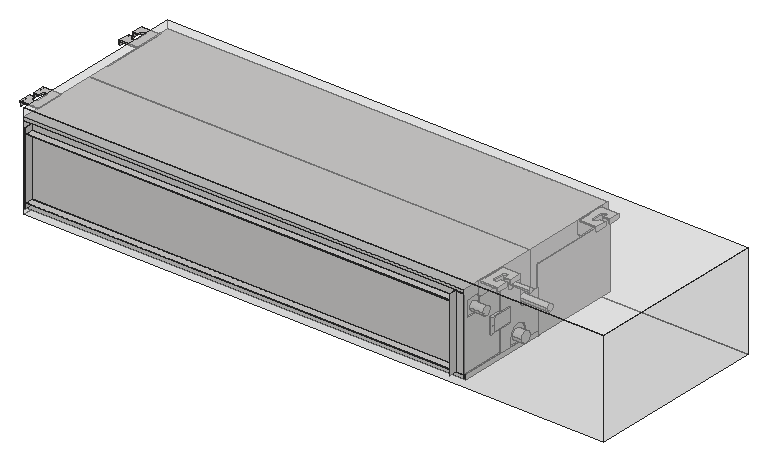
Revit family "outputfile", category 機械設備, Revit 2024
Family settings
  丸型コネクタ寸法 = 半径を使用
  パーツ タイプ = 標準
  OmniClass 番号 = 23.75.10.24.21.27.27
  OmniClass タイトル = Split System Air Conditioning Units
  作業面ベース = いいえ
  常に垂直 = はい
  ロード時にボイドで切り取り = いいえ
  注釈の向きを維持 = いいえ
  共有 = いいえ
  部屋計算ポイント = はい
Parameters (values of type "FXDQ63TV1C")
  Description = ""
  製造元 = "Daikin"
  書き出し IFC クラス(タイプ) = "IfcUnitaryEquipmentType"
  定義済み IFC タイプ(タイプ) = "AIRCONDITIONINGUNIT"
  Cost = 0
  モデル = "FXDQ63TV1C"
  Type Comments = ""
  Keynote = ""
  Type Image = (empty or 0)
  Assembly Code = ""
  r_Liquid Pipe Size = Liquid Pipe Size / 2  # 4.75 mm
  r_Gas Pipe Size = Gas Pipe Size / 2  # 7.95 mm
  r_Drain Pipe Size = Drain Pipe Size / 2  # 10.0 mm
  lw_powersuply = 65.0 mm  # constant formula
  lh_suctionflange [instance] = [h***] + 100.5 mm  # 100.5 mm
  lh_mounting = lh_mountinghole + [h***]  # 200.0 mm
  ld_suctionflange [instance] = if(and(Rear Connection_Return Air, Width = 700.0 mm), 94.5 mm, if(and(Rear Connection_Return Air, Width = 900.0 mm), 94.0 mm, if(and(Rear Connection_Return Air, Width = 1100.0 mm), 94.0 mm, 100.5 mm)))  # 94.0 mm
  ld_powersuply = 64.0 mm  # constant formula
  ld_mountinghole_Back = if(Width = 900.0 mm, 169.0 mm, 165.0 mm)  # 165.0 mm
  ld_mountinghole_Front = if(Width = 900.0 mm, 140.0 mm, 144.0 mm)  # 144.0 mm
  ld_RA_below = if(Width = 700.0 mm, 189.0 mm, 188.0 mm)  # 188.0 mm
  ld_RA = if(Width = 700.0 mm, 94.5 mm, 94.0 mm)  # 94.0 mm
  angle_vertical_RA [instance] = if(Rear Connection_Return Air, 90.00°, 0.00°)  # 90.00°
  angle horizontal_RA [instance] = if(Rear Connection_Return Air, 180.00°, 270.00°)  # 180.00°
  Voltage_comment_50Hz = "220-240"
  Voltage_50Hz = 220 V
  URL = ""
  Supply Air Direction [instance] = yes
  Sound Power Level_H speed (dB) = 0
  Rear Connection_Return Air [instance] = not(Bottom Connection_Return Air)  # yes
  Phase_50Hz = 1
  Minimum External Static Pressure = 10.00 Pa
  Minimum Circuit Amps_50Hz = 1.8 A
  Maximum Fuse Amps_50Hz = 15.0 A
  Maximum External Static Pressure = 45.00 Pa
  Material_Casing = DAIKIN_GalvanizedSteel_Casing_indoorunit
  ld_liquidpipe = 142.0 mm  # constant formula
  ld_gaspipe = 181.0 mm  # constant formula
  lw_mountinghole = Width + 52.0 mm  # 1152.0 mm
  ld_drainpipe = 28.0 mm  # constant formula
  lh_liquidpipe = 155.0 mm
  lh_gaspipe = 105.0 mm
  lh_mountinghole = 200.0 mm  # constant formula
  lh_drainpipe = 152.0 mm  # constant formula
  h_antenna = Height - lh_mountinghole + 1.0 mm  # 1.0 mm
  h*** = 0.0 mm  # constant formula
  Width = 1100.0 mm
  Version = "ver.1.0"
  Unit Type = "Slim Duct (Standard) Type"
  Unit Mass Weight = 24.00 kg
  Unit Designation [instance] = ""
  Uniclass2015Version = "Products v1.30"
  Uniclass2015Title = "Variable refrigerant flow units"
  Uniclass2015Code = "Pr_70_65_03_94"
  Total Heating Capacity [instance] = 0.000 kW
  Total Cooling Capacity [instance] = 0.000 kW
  Sound Pressure Level_M speed (dBA) = 0
  Sound Pressure Level_L speed (dBA) = 33
  Sound Pressure Level_H speed (dBA) = 37
  Series = "VRV Fan Coil Unit"
  Sensible Cooling Capacity [instance] = 0.000 kW
  SA Duct Size Width = if(Width = 900.0 mm, 860.0 mm, if(Width = 1100.0 mm, 1060.0 mm, 660.0 mm))  # 1060.0 mm
  SA Duct Size Height = 153.0 mm  # constant formula
  Refrigerant Type = "R410A"
  RA Duct Size Width = if(Width = 900.0 mm, 775.0 mm, if(Width = 1100.0 mm, 975.0 mm, 575.0 mm))  # 975.0 mm
  RA Duct Size Height [instance] = if(Rear Connection_Return Air, 163.0 mm, if(Width = 700.0 mm, 153.0 mm, 152.0 mm))  # 163.0 mm
  Power Input (Heating) = 0.070 kW
  Power Input (Cooling) = 0.075 kW
  Option Accessory 3 [instance] = ""
  Option Accessory 2 [instance] = ""
  Option Accessory 1 [instance] = ""
  Nominal Heating Capacity = 8.000 kW
  Nominal Cooling Capacity = 7.100 kW
  Minimum Airflow = 0.00 m³/h
  Median Airflow = 0.00 m³/h
  Maximum Airflow = 1170.00 m³/h
  Load Classification = HVAC
  Liquid Pipe Size = 9.5 mm
  Link_Nested Family [instance] = ""
  IfcVersion = "0"
  IfcExportType = "AIRCONDITIONINGUNIT"
  IfcExportAs = "IfcUnitaryEquipmentType"
  Height = 200.0 mm
  Heating Entering Wet Bulb Temperature [instance] = 0.00 °C
  Heating Entering Dry Bulb Temperature [instance] = 0.00 °C
  Heating Ambient Wet Bulb Temperature [instance] = 0.00 °C
  Heating Ambient Dry Bulb Temperature [instance] = 0.00 °C
  Heat Exchanger Type = "Cross Fin Coil"
  Gas Pipe Size = 15.9 mm
  Frequency_50Hz = 50 Hz
  Fan Type = "Sirocco Fan"
  Fan Drive = "Direct Drive"
  FCU Tag No. [instance] = ""
  Drain Pipe Size = 20.0 mm
  Design Supply Airflow [instance] = 0.00 m³/h
  Design Return Airflow [instance] = 0.00 m³/h
  Design External Static Pressure [instance] = 0.00 Pa
  Depth = 450.0 mm
  既定の高さ = 0.0 mm
  Cooling Entering Wet Bulb Temperature [instance] = 0.00 °C
  Cooling Entering Dry Bulb Temperature [instance] = 0.00 °C
  Cooling Ambient Wet Bulb Temperature [instance] = 0.00 °C
  Cooling Ambient Dry Bulb Temperature [instance] = 0.00 °C
  Clearance visibility [instance] = yes
  Clearance Top = 20.0 mm
  Clearance Right = 350.0 mm
  Clearance Rear = 0.0 mm
  Clearance Left = 0.0 mm
  Clearance Front = 0.0 mm
  Clearance Bottom = 20.0 mm
  Bottom Connection_Return Air [instance] = no
Reference planes
  plane 1 "Center (Front/Back)": y = 0
  plane 2 "Bottom": z = -200
  plane 3 "Center (Left/Right)": x = 0
  plane 4 "Back": y = 225
  plane 5 "Front": y = -225
  plane 6 "Left": x = -550
  plane 7 "Right": x = 550
  plane 8 "Top": z = 0
  plane 9 "BB": y = -20
  plane 10 "condensate water pan": z = -190
  plane 11 "Below": z = -200
  plane 12 "Other components Right": x = 555
  plane 13 "Other components Left": x = 545
  plane 14 "lh_drainpipe": z = -48
  plane 15 "ld_drainpipe": y = -197
  plane 16 "drainpipe": x = 583
  plane 17 "lh_liquidpipe": z = -45
  plane 18 "ld_liquidpipe": y = -83
  plane 19 "ld_gaspipe": y = -44
  plane 20 "lh_gaspipe": z = -95
  plane 21: x = 603
  plane 22: x = 620
  plane 23: x = 574
  plane 24 "w_mountinghole_Left": x = -576
  plane 25 "w_mountinghole_Right": x = 576
  plane 26 "d_mountinghole_Back": y = 165
  plane 27 "d_mountinghole_Front": y = -144
  plane 28 "h_mountinghole": z = 0
  plane 29 "lw_powersuply": x = 485
  plane 30 "ld_powersuply": y = -161
  plane 31 "Clearance Left": x = -550
  plane 32 "Clearance Right": x = 900
  plane 33 "Clearance Rear": y = 225
  plane 34 "Clearance Front": y = -225
  plane 35 "Clearance Bottom": z = -220
  plane 36 "Clearance Top": z = 20
  plane 37 "RA": y = 224
  plane 38: z = -199
  plane 39 "RA_d": y = 131
  plane 40 "RA_w": x = -51.5
  plane 41 "RA_h": z = -99.5
  plane 42 "SA_h": z = -99
  plane 43 "RA_dd": y = 37
Forms (mm)
  Extrusion 1, solid, material "DAIKIN_GalvanizedSteel_Casing_indoorunit" <- "Material_Casing"
    sketch origin (0, 0, 100) x (0, 1, 0) y (0, 0, 1)
      loop
        line (-20, -100) -> (-20, -300) -> (225, -300) -> (225, -100) -> (-20, -100)
    from -550 to 550
  Extrusion 2, solid, material "DAIKIN_GalvanizedSteel_Casing_indoorunit" <- "Material_Casing"
    sketch origin (0, 0, 100) x (0, 1, 0) y (0, 0, 1)
      loop
        line (-225, -100) -> (-225, -290) -> (-20, -290) -> (-20, -100) -> (-225, -100)
    from -550 to 550
  Extrusion 3, solid, material "DAIKIN_GalvanizedSteel_Casing_indoorunit" <- "Material_Casing"
    sketch origin (0, 0, 100) x (0, 1, 0) y (0, 0, 1)
      loop
        line (-225, -290) -> (-225, -300) -> (-20, -300) -> (-20, -290) -> (-225, -290)
    from -550 to 550
  Extrusion 4, solid, material "DAIKIN_GalvanizedSteel_Casing_indoorunit" <- "Material_Casing"
    sketch origin (0, 0, 0) x (0, 1, 0) y (0, 0, 1)
      loop
        arc (2, -40) -> (-0.121, -40.879) -> (-1, -43) r 3
        line (-1, -43) -> (-1, -197)
        arc (-1, -197) -> (-0.121, -199.121) -> (2, -200) r 3
        line (2, -200) -> (225, -200) -> (225, -40) -> (2, -40)
    from 550 to 555
  Extrusion 5, solid, material "DAIKIN_GalvanizedSteel_Casing_indoorunit" <- "Material_Casing"
    sketch origin (620, 0, 0) x (0, 1, 0) y (0, 0, 1)
      loop
        line (-225, -190) -> (-225, -200) -> (-2, -200) -> (-2, -193)
        arc (-2, -193) -> (-2.879, -190.879) -> (-5, -190) r 3
        line (-5, -190) -> (-225, -190)
    from -70 to -65
  Extrusion 6, void
    sketch origin (0, 0, 0) x (0, 1, 0) y (0, 0, 1)
      loop
        arc (-145.64, -94.17) -> (-147.761, -95.049) -> (-148.64, -97.17) r 3
        line (-148.64, -97.17) -> (-148.64, -131.17)
        arc (-148.64, -131.17) -> (-147.761, -133.291) -> (-145.64, -134.17) r 3
        line (-145.64, -134.17) -> (-91.78, -134.17)
        arc (-91.78, -134.17) -> (-89.659, -133.291) -> (-88.78, -131.17) r 3
        line (-88.78, -131.17) -> (-88.78, -97.17)
        arc (-88.78, -97.17) -> (-89.659, -95.049) -> (-91.78, -94.17) r 3
        line (-91.78, -94.17) -> (-145.64, -94.17)
    from 545 to 555
  Extrusion 7, void
    sketch origin (460, 0, 0) x (0, 1, 0) y (0, 0, 1)
      loop
        arc (-212.95, -27.05) -> (-216.486, -28.514) -> (-217.95, -32.05) r 5
        line (-217.95, -32.05) -> (-217.95, -63.95)
        arc (-217.95, -63.95) -> (-216.486, -67.486) -> (-212.95, -68.95) r 5
        line (-212.95, -68.95) -> (-181.05, -68.95)
        arc (-181.05, -68.95) -> (-177.514, -67.486) -> (-176.05, -63.95) r 5
        line (-176.05, -63.95) -> (-176.05, -32.05)
        arc (-176.05, -32.05) -> (-177.514, -28.514) -> (-181.05, -27.05) r 5
        line (-181.05, -27.05) -> (-212.95, -27.05)
    from 85 to 95
  Extrusion 8, solid, material "DAIKIN_GalvanizedSteel_Casing_indoorunit" <- "Material_Casing"
    sketch origin (700, 0, 0) x (0, 1, 0) y (0, 0, 1)
      loop
        line (-116.823, -42) -> (-116.823, -190) -> (-87.438, -190) -> (-87.438, -167.881)
        arc (-87.438, -167.881) -> (-62.998, -143.441) -> (-38.558, -167.881) r 24.44
        line (-38.558, -167.881) -> (-38.558, -190) -> (-1, -190) -> (-1, -92.773) -> (-27.497, -92.773)
        arc (-27.497, -92.773) -> (-28.911, -93.359) -> (-29.497, -94.773) r 2
        line (-29.497, -94.773) -> (-29.497, -99)
        arc (-29.497, -99) -> (-43.997, -113.5) -> (-58.497, -99) r 14.5
        line (-58.497, -99) -> (-58.497, -42.3)
        arc (-58.497, -42.3) -> (-59.171, -40.674) -> (-60.797, -40) r 2.3
        line (-60.797, -40) -> (-69, -40)
        arc (-69, -40) -> (-70.414, -40.586) -> (-71, -42) r 2
        line (-71, -42) -> (-71, -49)
        arc (-71, -49) -> (-83, -61) -> (-95, -49) r 12
        line (-95, -49) -> (-95, -42)
        arc (-95, -42) -> (-95.586, -40.586) -> (-97, -40) r 2
        line (-97, -40) -> (-114.823, -40)
        arc (-114.823, -40) -> (-116.237, -40.586) -> (-116.823, -42) r 2
    from -150 to -145
  Extrusion 9, solid, material "DAIKIN_GalvanizedSteel_Casing_indoorunit" <- "Material_Casing"
    sketch origin (0, 0, 0) x (0, 1, 0) y (0, 0, 1)
      loop
        line (-91.78, -95.17) -> (-145.64, -95.17)
        arc (-145.64, -95.17) -> (-147.054, -95.756) -> (-147.64, -97.17) r 2
        line (-147.64, -97.17) -> (-147.64, -131.17)
        arc (-147.64, -131.17) -> (-147.054, -132.584) -> (-145.64, -133.17) r 2
        line (-145.64, -133.17) -> (-91.78, -133.17)
        arc (-91.78, -133.17) -> (-90.366, -132.584) -> (-89.78, -131.17) r 2
        line (-89.78, -131.17) -> (-89.78, -97.17)
        arc (-89.78, -97.17) -> (-90.366, -95.756) -> (-91.78, -95.17) r 2
    from 545 to 555
  Extrusion 10, solid, material "DAIKIN_GalvanizedSteel_Casing_indoorunit" <- "Material_Casing"
    sketch origin (0, 0, 0) x (0, 1, 0) y (0, 0, 1)
      loop
        line (-89.78, -97.67) -> (-136.14, -97.67) -> (-136.14, -130.67) -> (-89.78, -130.67) -> (-89.78, -97.67)
      loop
        circle (-142.64, -114.17) r 1.5
    from 550 to 555
  Extrusion 11, solid, material "DAIKIN_GalvanizedSteel_Casing_indoorunit" <- "Material_Casing"
    sketch origin (0, 0, 0) x (0, 1, 0) y (0, 0, 1)
      loop
        circle (-197, -48) r 10
    from 550 to 583
  Extrusion 12, solid, material "DAIKIN_GalvanizedSteel_Casing_indoorunit" <- "Material_Casing"
    sketch origin (0, 0, 0) x (0, 1, 0) y (0, 0, 1)
      loop
        circle (-83, -45) r 4.75
    from 550 to 603
  Extrusion 13, solid, material "DAIKIN_GalvanizedSteel_Casing_indoorunit" <- "Material_Casing"
    sketch origin (0, 0, 0) x (0, 1, 0) y (0, 0, 1)
      loop
        circle (-44, -95) r 7.95
    from 550 to 620
  Extrusion 14, solid, material "DAIKIN_GalvanizedSteel_Casing_indoorunit" <- "Material_Casing"
    sketch origin (0, 0, 0) x (0, 1, 0) y (0, 0, 1)
      loop
        circle (-62.998, -169) r 13
    from 550 to 574
  Extrusion 15, void
    sketch origin (0, 0, 0) x (1, 0, 0) y (0, 0, 1)
      loop
        line (446, -1) -> (-549, -1) -> (-549, -200) -> (446, -200) -> (446, -1)
    from -225 to -37
  Extrusion 16, solid, material "DAIKIN_GalvanizedSteel_Casing_indoorunit" <- "Material_Casing", visible <- "Bottom Connection_Return Air"
    sketch origin (0, 0, 0) x (1, 0, 0) y (0, 0, 1)
      loop
        line (446, -1) -> (-549, -1) -> (-549, -200) -> (446, -200) -> (446, -1)
    from -225 to -224
  Extrusion 17, solid, material "DAIKIN_GalvanizedSteel_Casing_indoorunit" <- "Material_Casing", visible <- "Rear Connection_Return Air"
    sketch origin (0, 0, 0) x (1, 0, 0) y (0, 1, 0)
      loop
        line (-549, 37) -> (446, 37) -> (446, 225) -> (-549, 225) -> (-549, 37)
    from -200 to -199
Cuts and joins
  Extrusion 6, Extrusion 7 cuts Extrusion 2
  Extrusion 6 cuts Extrusion 8
  Extrusion 15 cuts Extrusion 1
Dimensions and locks
  locked: plane 9 "BB" to plane 1 "Center (Front/Back)" at 20
  equal spacing: plane 4 "Back", plane 1 "Center (Front/Back)", plane 5 "Front"
  "Depth": plane 4 "Back" to plane 5 "Front"
  plane 9 "BB" to plane 4 "Back" = 245.0 mm
  plane 5 "Front" to plane 9 "BB" = 205.0 mm
  equal spacing: plane 6 "Left", plane 3 "Center (Left/Right)", plane 7 "Right"
  "Width": plane 6 "Left" to plane 7 "Right"
  locked: plane 1 "Center (Front/Back)" to plane 9 "BB" at 20
  "h***": plane 11 "Below" to plane 2 "Bottom"
  locked: plane 10 "condensate water pan" to plane 11 "Below" at 10
  "Height": plane 8 "Top" to plane 11 "Below"
  locked: Extrusion 4 sketch curve to plane 4 "Back" at 226
  locked: Extrusion 4 sketch curve to plane 11 "Below" at 160
  locked: plane 7 "Right" to plane 12 "Other components Right" at 5
  locked: plane 13 "Other components Left" to plane 7 "Right" at 5
  "lh_drainpipe": plane 14 "lh_drainpipe" to plane 11 "Below"
  plane 5 "Front" to plane 15 "ld_drainpipe" = 28.0 mm
  "ld_drainpipe": plane 15 "ld_drainpipe" to plane 5 "Front"
  locked: plane 7 "Right" to plane 16 "drainpipe" at 33
  "lh_liquidpipe": plane 17 "lh_liquidpipe" to plane 11 "Below"
  "ld_liquidpipe": plane 18 "ld_liquidpipe" to plane 5 "Front"
  "ld_gaspipe": plane 19 "ld_gaspipe" to plane 5 "Front"
  plane 5 "Front" to plane 18 "ld_liquidpipe" = 142.0 mm
  plane 5 "Front" to plane 19 "ld_gaspipe" = 181.0 mm
  "lh_gaspipe": plane 20 "lh_gaspipe" to plane 11 "Below"
  locked: plane 7 "Right" to plane 21 at 53
  locked: plane 7 "Right" to plane 22 at 70
  locked: plane 7 "Right" to plane 23 at 24
  equal spacing: plane 24 "w_mountinghole_Left", plane 3 "Center (Left/Right)", plane 25 "w_mountinghole_Right"
  "lw_mountinghole": plane 24 "w_mountinghole_Left" to plane 25 "w_mountinghole_Right"
  plane 26 "d_mountinghole_Back" to plane 27 "d_mountinghole_Front" = 309.0 mm
  "lh_mountinghole": plane 28 "h_mountinghole" to plane 11 "Below"
  "lw_powersuply": plane 29 "lw_powersuply" to plane 7 "Right"
  "ld_powersuply": plane 5 "Front" to plane 30 "ld_powersuply"
  "Clearance Rear": plane 33 "Clearance Rear" to plane 4 "Back"
  "Clearance Front": plane 5 "Front" to plane 34 "Clearance Front"
  "Clearance Bottom": plane 11 "Below" to plane 35 "Clearance Bottom"
  "Clearance Top": plane 36 "Clearance Top" to plane 8 "Top"
  "Clearance Left": plane 31 "Clearance Left" to plane 6 "Left"
  "Clearance Right": plane 7 "Right" to plane 32 "Clearance Right"
  locked: cut or joined group of Extrusion 1, Extrusion 15 to plane 6 "Left" at 1
  locked: plane 7 "Right" to cut or joined group of Extrusion 1, Extrusion 15 at 104
  locked: plane 4 "Back" to plane 37 "RA" at 1
  locked: plane 6 "Left" to Extrusion 17 sketch curve at 1
  locked: Extrusion 17 sketch curve to plane 7 "Right" at 104
  locked: plane 38 to plane 11 "Below" at 1
  locked: plane 40 "RA_w" to plane 3 "Center (Left/Right)" at 51.5
  "ld_RA": plane 39 "RA_d" to plane 4 "Back"
  locked: plane 11 "Below" to plane 41 "RA_h" at 100.5
  locked: plane 11 "Below" to plane 42 "SA_h" at 101
  "ld_mountinghole_Back": plane 26 "d_mountinghole_Back" to plane 1 "Center (Front/Back)"
  "ld_mountinghole_Front": plane 27 "d_mountinghole_Front" to plane 1 "Center (Front/Back)"
  "ld_RA_below": plane 4 "Back" to plane 43 "RA_dd"
  "r_Liquid Pipe Size": radius of Extrusion 12 sketch curve
  "r_Gas Pipe Size": radius of Extrusion 13 sketch curve
  "r_Drain Pipe Size": radius of Extrusion 11 sketch curve
  aligned and locked: Extrusion 1 sketch curve to plane 8 "Top"
  aligned and locked: Extrusion 1 sketch curve to plane 9 "BB"
  aligned and locked: Extrusion 1 sketch curve to plane 4 "Back"
  aligned and locked: Extrusion 2 sketch curve to plane 9 "BB"
  aligned and locked: Extrusion 2 sketch curve to plane 8 "Top"
  aligned and locked: plane 5 "Front" to Extrusion 2 sketch curve
  aligned and locked: Extrusion 1 to plane 6 "Left"
  aligned and locked: plane 7 "Right" to Extrusion 1
  aligned and locked: Extrusion 2 to plane 6 "Left"
  aligned and locked: plane 7 "Right" to Extrusion 2
  aligned and locked: plane 10 "condensate water pan" to Extrusion 2 sketch curve
  aligned and locked: Extrusion 3 sketch curve to plane 10 "condensate water pan"
  aligned and locked: plane 5 "Front" to Extrusion 3 sketch curve
  aligned and locked: plane 9 "BB" to Extrusion 3 sketch curve
  aligned and locked: Extrusion 3 to plane 6 "Left"
  aligned and locked: plane 7 "Right" to Extrusion 3
  aligned and locked: plane 11 "Below" to Extrusion 3
  aligned and locked: Extrusion 1 to plane 11 "Below"
  aligned and locked: plane 11 "Below" to Extrusion 4 sketch curve
  aligned and locked: Extrusion 4 sketch curve to plane 4 "Back"
  aligned and locked: Extrusion 4 to plane 7 "Right"
  aligned and locked: plane 12 "Other components Right" to Extrusion 4
  aligned and locked: Extrusion 5 sketch curve to plane 10 "condensate water pan"
  aligned and locked: plane 5 "Front" to Extrusion 5 sketch curve
  aligned and locked: plane 11 "Below" to Extrusion 5 sketch curve
  aligned and locked: Extrusion 5 to plane 7 "Right"
  aligned and locked: plane 12 "Other components Right" to Extrusion 5
  aligned and locked: Extrusion 8 to plane 7 "Right"
  aligned and locked: plane 12 "Other components Right" to Extrusion 8
  aligned and locked: Extrusion 6 to plane 13 "Other components Left"
  aligned and locked: Extrusion 7 to plane 13 "Other components Left"
  aligned and locked: plane 12 "Other components Right" to Extrusion 7
  aligned and locked: plane 12 "Other components Right" to Extrusion 6
  aligned and locked: Extrusion 10 to plane 7 "Right"
  aligned and locked: Extrusion 9 to plane 13 "Other components Left"
  aligned and locked: plane 16 "drainpipe" to Extrusion 11
  aligned and locked: Extrusion 11 to plane 7 "Right"
  aligned and locked: plane 12 "Other components Right" to Extrusion 9
  aligned and locked: plane 12 "Other components Right" to Extrusion 10
  aligned and locked: Extrusion 12 to plane 7 "Right"
  aligned and locked: plane 21 to Extrusion 12
  aligned and locked: Extrusion 13 sketch curve to plane 19 "ld_gaspipe"
  aligned and locked: plane 20 "lh_gaspipe" to Extrusion 13 sketch curve
  aligned and locked: Extrusion 12 sketch curve to plane 18 "ld_liquidpipe"
  aligned and locked: plane 17 "lh_liquidpipe" to Extrusion 12 sketch curve
  aligned and locked: plane 14 "lh_drainpipe" to Extrusion 11 sketch curve
  aligned and locked: Extrusion 11 sketch curve to plane 15 "ld_drainpipe"
  aligned and locked: Extrusion 13 to plane 7 "Right"
  aligned and locked: plane 22 to Extrusion 13
  aligned and locked: Extrusion 14 to plane 7 "Right"
  aligned and locked: plane 23 to Extrusion 14
  aligned and locked: plane 25 "w_mountinghole_Right" to nested 2
  aligned and locked: plane 26 "d_mountinghole_Back" to nested 2
  aligned and locked: plane 28 "h_mountinghole" to nested 2
  aligned and locked: plane 27 "d_mountinghole_Front" to nested 3
  aligned and locked: plane 25 "w_mountinghole_Right" to nested 3
  aligned and locked: plane 24 "w_mountinghole_Left" to nested 4
  aligned and locked: plane 26 "d_mountinghole_Back" to nested 4
  aligned and locked: plane 24 "w_mountinghole_Left" to nested 5
  aligned and locked: nested 5 to plane 27 "d_mountinghole_Front"
  aligned and locked: plane 28 "h_mountinghole" to nested 4
  aligned and locked: plane 28 "h_mountinghole" to nested 5
  aligned and locked: plane 28 "h_mountinghole" to nested 3
  aligned and locked: plane 24 "w_mountinghole_Left" to nested 1
  aligned and locked: nested 1 to plane 26 "d_mountinghole_Back"
  aligned and locked: plane 27 "d_mountinghole_Front" to nested 6
  aligned and locked: plane 24 "w_mountinghole_Left" to nested 6
  aligned and locked: nested 7 to plane 25 "w_mountinghole_Right"
  aligned and locked: plane 26 "d_mountinghole_Back" to nested 7
  aligned and locked: plane 27 "d_mountinghole_Front" to nested 8
  aligned and locked: nested 8 to plane 25 "w_mountinghole_Right"
  aligned and locked: plane 15 "ld_drainpipe" to nested 9
  aligned and locked: plane 7 "Right" to nested 9
  aligned and locked: plane 14 "lh_drainpipe" to nested 9
  aligned and locked: plane 7 "Right" to nested 11
  aligned and locked: plane 7 "Right" to nested 10
  aligned and locked: plane 18 "ld_liquidpipe" to nested 10
  aligned and locked: plane 19 "ld_gaspipe" to nested 11
  aligned and locked: nested 10 to plane 17 "lh_liquidpipe"
  aligned and locked: nested 11 to plane 20 "lh_gaspipe"
  aligned and locked: plane 31 "Clearance Left" to nested 12
  aligned and locked: nested 12 to plane 33 "Clearance Rear"
  aligned and locked: plane 34 "Clearance Front" to nested 12
  aligned and locked: nested 12 to plane 32 "Clearance Right"
  aligned and locked: plane 36 "Clearance Top" to nested 12
  aligned and locked: plane 35 "Clearance Bottom" to nested 12
  aligned and locked: nested 13 to plane 29 "lw_powersuply"
  aligned and locked: plane 30 "ld_powersuply" to nested 13
  aligned and locked: nested 13 to plane 20 "lh_gaspipe"
  aligned and locked: plane 3 "Center (Left/Right)" to nested 14
  aligned and locked: plane 1 "Center (Front/Back)" to nested 14
  aligned and locked: plane 1 "Center (Front/Back)" to nested 15
  aligned and locked: nested 15 to plane 11 "Below"
  aligned and locked: plane 3 "Center (Left/Right)" to nested 16
  aligned and locked: plane 3 "Center (Left/Right)" to nested 17
  aligned and locked: plane 8 "Top" to nested 16
  aligned and locked: plane 4 "Back" to Extrusion 15
  aligned and locked: plane 4 "Back" to Extrusion 16
  aligned and locked: Extrusion 16 to plane 37 "RA"
  aligned and locked: Extrusion 17 to plane 11 "Below"
  aligned and locked: plane 38 to Extrusion 17
  aligned and locked: plane 39 "RA_d" to nested 18
  aligned and locked: plane 1 "Center (Front/Back)" to nested 19
  aligned and locked: plane 3 "Center (Left/Right)" to nested 19
  aligned and locked: plane 42 "SA_h" to nested 19
  aligned and locked: nested 16 to plane 37 "RA"
  aligned and locked: nested 16 to plane 4 "Back"
  aligned and locked: nested 17 to plane 38
  aligned and locked: nested 17 to plane 37 "RA"
  aligned and locked: Extrusion 15 to plane 43 "RA_dd"
  aligned and locked: Extrusion 17 sketch curve to plane 43 "RA_dd"
  aligned and locked: level to plane 8 "Top"
Automatic sketch dimensions
  Extrusion 1 sketch curve to plane 10 "condensate water pan" = 10.0 mm
  Extrusion 3 sketch curve to plane 10 "condensate water pan" = 10.0 mm
  Extrusion 4 sketch curve to plane 10 "condensate water pan" = 7.0 mm
  Extrusion 4 sketch curve to plane 1 "Center (Front/Back)" = 2.0 mm
  plane 1 "Center (Front/Back)" to Extrusion 5 sketch curve = 2.0 mm
  Extrusion 5 sketch curve to plane 10 "condensate water pan" = 3.0 mm
  plane 5 "Front" to Extrusion 6 sketch curve = 76.36 mm
  Extrusion 6 sketch curve to Extrusion 6 sketch curve = 3.0 mm  (x3)
  Extrusion 6 sketch curve to Extrusion 6 sketch curve = 53.86 mm
  Extrusion 6 sketch curve to Extrusion 6 sketch curve = 0.0 mm
  plane 10 "condensate water pan" to Extrusion 6 sketch curve = 55.83 mm
  Extrusion 6 sketch curve to Extrusion 6 sketch curve = 34.0 mm
  plane 5 "Front" to Extrusion 7 sketch curve = 7.05 mm
  Extrusion 7 sketch curve to Extrusion 7 sketch curve = 5.0 mm  (x3)
  Extrusion 7 sketch curve to Extrusion 7 sketch curve = 31.9 mm  (x3)
  Extrusion 7 sketch curve to plane 8 "Top" = 68.95 mm
  Extrusion 8 sketch curve to plane 10 "condensate water pan" = 0.0 mm  (x2)
  Extrusion 8 sketch curve to plane 9 "BB" = 96.823 mm
  Extrusion 8 sketch curve to Extrusion 8 sketch curve = 2.0 mm  (x4)
  Extrusion 8 sketch curve to Extrusion 8 sketch curve = 17.823 mm
  Extrusion 8 sketch curve to Extrusion 8 sketch curve = 29.385 mm
  Extrusion 8 sketch curve to Extrusion 8 sketch curve = 12.0 mm
  Extrusion 8 sketch curve to Extrusion 8 sketch curve = 24.44 mm
  Extrusion 8 sketch curve to Extrusion 8 sketch curve = 8.203 mm
  Extrusion 8 sketch curve to plane 9 "BB" = 38.497 mm
  Extrusion 8 sketch curve to Extrusion 8 sketch curve = 14.5 mm
  plane 1 "Center (Front/Back)" to Extrusion 8 sketch curve = 1.0 mm
  Extrusion 8 sketch curve to Extrusion 8 sketch curve = 22.119 mm
  Extrusion 8 sketch curve to Extrusion 8 sketch curve = 68.881 mm
  Extrusion 8 sketch curve to Extrusion 8 sketch curve = 4.227 mm
  Extrusion 8 sketch curve to plane 8 "Top" = 49.0 mm
  Extrusion 8 sketch curve to Extrusion 8 sketch curve = 6.7 mm
  Extrusion 8 sketch curve to Extrusion 8 sketch curve = 7.0 mm
  plane 5 "Front" to Extrusion 9 sketch curve = 79.36 mm
  Extrusion 9 sketch curve to Extrusion 9 sketch curve = 2.0 mm  (x3)
  Extrusion 9 sketch curve to Extrusion 9 sketch curve = 53.86 mm
  Extrusion 9 sketch curve to Extrusion 9 sketch curve = 0.0 mm
  plane 10 "condensate water pan" to Extrusion 9 sketch curve = 56.83 mm
  Extrusion 9 sketch curve to Extrusion 9 sketch curve = 34.0 mm
  plane 5 "Front" to Extrusion 10 sketch curve = 82.36 mm
  Extrusion 10 sketch curve to Extrusion 10 sketch curve = 6.5 mm
  Extrusion 10 sketch curve to Extrusion 10 sketch curve = 46.36 mm
  plane 10 "condensate water pan" to Extrusion 10 sketch curve = 59.33 mm
  Extrusion 10 sketch curve to Extrusion 10 sketch curve = 16.5 mm  (x2)
  Extrusion 14 sketch curve to plane 19 "ld_gaspipe" = 18.998 mm
  plane 10 "condensate water pan" to Extrusion 14 sketch curve = 21.0 mm
  plane 6 "Left" to Extrusion 15 sketch curve = 1.0 mm
  plane 35 "Clearance Bottom" to Extrusion 15 sketch curve = 20.0 mm
  plane 29 "lw_powersuply" to Extrusion 15 sketch curve = 39.0 mm
  Extrusion 15 sketch curve to plane 8 "Top" = 1.0 mm
  plane 6 "Left" to Extrusion 16 sketch curve = 1.0 mm
  Extrusion 16 sketch curve to plane 11 "Below" = 0.0 mm
  plane 29 "lw_powersuply" to Extrusion 16 sketch curve = 39.0 mm
  Extrusion 16 sketch curve to plane 8 "Top" = 1.0 mm
  Extrusion 17 sketch curve to plane 4 "Back" = 0.0 mm
  radius of Extrusion 10 sketch curve = 1.5 mm
  radius of Extrusion 14 sketch curve = 13.0 mm
Nested families
  nested 1: "daikin_mountinghole" at (-576, 165, -200), h_mountinghole <- "lh_mounting", l_antenna <- "h_antenna", Link_Nested Family <- "Link_Nested Family", type "daikin_mountinghole"
    with show yes, l_antenna 1.0 mm, h_mountinghole 200.0 mm, Link_Nested Family ""
  nested 2: "daikin_hangerfixture_FXDQ-TV1C(A)" at (550, 165, 0), type "daikin_hangerfixture_FXDQ-TV1C(A)"
  nested 3: "daikin_hangerfixture_FXDQ-TV1C(A)" at (550, -144, 0), type "daikin_hangerfixture_FXDQ-TV1C(A)"
  nested 4: "daikin_hangerfixture_FXDQ-TV1C(A)" at (-550, 165, 0) x (-1, 0, 0) z (0, 0, 1), type "daikin_hangerfixture_FXDQ-TV1C(A)"
  nested 5: "daikin_hangerfixture_FXDQ-TV1C(A)" at (-550, -144, 0) x (-1, 0, 0) z (0, 0, 1), type "daikin_hangerfixture_FXDQ-TV1C(A)"
  nested 6: "daikin_mountinghole" at (-576, -144, -200), h_mountinghole <- "lh_mounting", l_antenna <- "h_antenna", Link_Nested Family <- "Link_Nested Family", type "daikin_mountinghole"
    with show yes, l_antenna 1.0 mm, h_mountinghole 200.0 mm, Link_Nested Family ""
  nested 7: "daikin_mountinghole" at (576, 165, -200), h_mountinghole <- "lh_mounting", l_antenna <- "h_antenna", Link_Nested Family <- "Link_Nested Family", type "daikin_mountinghole"
    with show yes, l_antenna 1.0 mm, h_mountinghole 200.0 mm, Link_Nested Family ""
  nested 8: "daikin_mountinghole" at (576, -144, -200), h_mountinghole <- "lh_mounting", l_antenna <- "h_antenna", Link_Nested Family <- "Link_Nested Family", type "daikin_mountinghole"
    with show yes, l_antenna 1.0 mm, h_mountinghole 200.0 mm, Link_Nested Family ""
  nested 9: "daikin_connector_rotate2" at (550, -197, -48) x (0, 1, 0) z (0, 0, 1), radius <- "r_Drain Pipe Size", type "daikin_connector_rotate2"
    with radius 10.0 mm, length 33.0 mm, angle_vertical 90.00°, show_face no
  nested 10: "daikin_connector_rotate2" at (550, -83, -45) x (0, 1, 0) z (0, 0, 1), radius <- "r_Liquid Pipe Size", type "daikin_connector_rotate2"
    with radius 4.75 mm, length 53.0 mm, angle_vertical 90.00°, show_face no
  nested 11: "daikin_connector_rotate2" at (550, -44, -95) x (0, 1, 0) z (0, 0, 1), radius <- "r_Gas Pipe Size", type "daikin_connector_rotate2"
    with radius 7.95 mm, length 70.0 mm, angle_vertical 90.00°, show_face no
  nested 12: "daikin_clearancespace" at (175, 0, -99.881), visible <- "Clearance visibility", show <- "Clearance visibility", Link_Nested Family <- "Link_Nested Family", type "daikin_clearancespace"
    with width 1450.0 mm, show yes, height 240.0 mm, depth 450.0 mm, Link_Nested Family ""
  nested 13: "daikin_connector_rotate2" at (485, -161, -95) x (1, 0, 0) z (0, -1, 0), type "daikin_connector_rotate2"
    with radius 10.0 mm, length 101.0 mm, angle_vertical 90.00°, show_face no
  nested 14: "daikin_△_symbolicline" at (0, 0, 200), visible <- "Supply Air Direction", built-in parameter 1001360 <- "Height", type "daikin_△_symbolicline"
    with length 200.0 mm
  nested 15: "daikin_ductflange_FXDQ-TV1C(A)1" at (0, 0, -364.701), width <- "SA Duct Size Width", height <- "SA Duct Size Height", material <- "Material_Casing", type "daikin_ductflange_FXDQ-TV1C(A)1"
    with width 1060.0 mm, material DAIKIN_GalvanizedSteel_Casing_indoorunit, height 153.0 mm, depth 20.0 mm
  nested 16: "daikin_ductflange_FXDQ-TV1C(A)2" at (0, 225, -99.5), visible <- "Rear Connection_Return Air", height <- "RA Duct Size Height", width <- "RA Duct Size Width", material <- "Material_Casing", type "daikin_ductflange_FXDQ-TV1C(A)2"
    with width 975.0 mm, material DAIKIN_GalvanizedSteel_Casing_indoorunit, height 163.0 mm, depth 1.0 mm
  nested 17: "daikin_ductflange_FXDQ-TV1C(A)2" at (0, 125.5, -200) x (1, 0, 0) z (0, 1, 0), visible <- "Bottom Connection_Return Air", width <- "RA Duct Size Width", height <- "RA Duct Size Height", type "daikin_ductflange_FXDQ-TV1C(A)2"
    with width 975.0 mm, material DAIKIN_GalvanizedSteel_Casing_indoorunit, height 163.0 mm, depth 1.0 mm
  nested 18: "daikin_connector_rotate3" at (-51.5, 131, -99.5), angle_vertical <- "angle_vertical_RA", angle_horizontal <- "angle horizontal_RA", length <- "ld_suctionflange", built-in parameter 1001364 <- "lh_suctionflange", type "daikin_connector_rotate3"
    with show yes, radius 10.0 mm, length 94.0 mm, angle_vertical 90.00°, angle_horizontal 180.00°
  nested 19: "daikin_connector_rotate2" at (0, 0, -99), type "daikin_connector_rotate2"
    with radius 10.0 mm, length 245.0 mm, angle_vertical 90.00°, show_face no
Connectors
  piping at (583, -197, -48), diameter 20, driven by "r_Drain Pipe Size"
    settings: on nested 9, index 1, connector inside diameter 609.6 mm, connector length 0.0 mm, flow factor 0, pipe flow 0.00 m³/h, pressure drop 0.0 Pa, fitting loss kfactor 0, connector angle 0.00°, fixture units 0, engagement length 0.0 mm, angle of deflection 0.00°, flow configuration 1, flow direction 2, fitting loss method 4, system type 16, joint type 0, gender type 0, connector reference index -1, connector utility 0, adjustable connector no, is connector primary yes, connector description "Condensate Drain Piping"
  piping at (620, -44, -95), diameter 15.9, driven by "r_Gas Pipe Size"
    settings: on nested 11, index 2, connector inside diameter 609.6 mm, connector length 0.0 mm, flow factor 0, pipe flow 0.00 m³/h, pressure drop 0.0 Pa, fitting loss kfactor 0, connector angle 0.00°, fixture units 0, engagement length 0.0 mm, angle of deflection 0.00°, flow configuration 1, flow direction 2, fitting loss method 0, system type 29, joint type 0, gender type 0, connector reference index -1, connector utility 0, adjustable connector no, is connector primary no, connector description "Refrigerant Gas Piping"
  piping at (603, -83, -45), diameter 9.5, driven by "r_Liquid Pipe Size"
    settings: on nested 10, index 3, connector inside diameter 609.6 mm, connector length 0.0 mm, flow factor 0, pipe flow 0.00 m³/h, pressure drop 0.0 Pa, fitting loss kfactor 0, connector angle 0.00°, fixture units 0, engagement length 0.0 mm, angle of deflection 0.00°, flow configuration 1, flow direction 1, fitting loss method 0, system type 29, joint type 0, gender type 0, connector reference index -1, connector utility 0, adjustable connector no, is connector primary no, connector description "Refrigerant Liquid Piping"
  electrical at (485, -161, -196), driven by "Load Classification"
    settings: on nested 13, index 4, voltage 0 V, apparent load 0 VA, apparent load phase1 0 VA, apparent load phase2 0 VA, apparent load phase3 0 VA, power factor 1, load classification "HVAC", number of poles 1, system type 30, power factor state 1, is connector primary yes, connector utility no, sub classification motor no, connector description "Power Supply"
  hvac at (-51.5, 225, -99.5), driven by "RA Duct Size Height", driven by "RA Duct Size Width"
    settings: on nested 18, index 5, duct flow 0.00 m³/h, flow factor 0, pres drop 0.00 Pa, loss coef 0, conn angle 0.00°, conn width 975.0 mm, conn height 163.0 mm, conn diameter 609.6 mm, duct sys type 2, conn prof type 1, flow config 0, flow direction 1, loss method 4, conn ref index -1, conn util no, is conn primary yes, conn desc "RA Duct"
  hvac at (0, -245, -99), driven by "SA Duct Size Height", driven by "SA Duct Size Width"
    settings: on nested 19, index 6, duct flow 0.00 m³/h, flow factor 0, pres drop 0.00 Pa, loss coef 0, conn angle 0.00°, conn width 1060.0 mm, conn height 153.0 mm, conn diameter 609.6 mm, duct sys type 1, conn prof type 1, flow config 0, flow direction 2, loss method 4, conn ref index -1, conn util no, is conn primary no, conn desc "SA Duct"
Definition of nested family "daikin_hangerfixture_FXDQ-TV1C(A)"
  Parameters (values of type "daikin_hangerfixture_FXDQ-TV1C(A)")
    width = 46.0 mm
    material = none
    height = 35.0 mm
    depth = 70.0 mm
    Default Elevation = 0.0 mm
  Reference planes
    plane 1 "Center (Front/Back)": y = 0
    plane 2: z = 0
    plane 3 "Center (Left/Right)": x = 0
    plane 4: z = -35
    plane 5: y = 35
    plane 6: y = -35
    plane 7: x = 46
    plane 8: z = -2
    plane 9: x = 44
    plane 10: x = 2
    plane 11: x = 26
  Forms (mm)
    Extrusion 1, solid, material <- "material"
      sketch origin (0, 0, 0) x (1, 0, 0) y (0, 1, 0)
        loop
          line (0, 35) -> (0, -35) -> (46, -35) -> (46, -6.5) -> (31.85, -6.5) -> (31.85, -12.15)
          arc (31.85, -12.15) -> (26, -18) -> (20.15, -12.15) r 5.85
          line (20.15, -12.15) -> (20.15, 12.15)
          arc (20.15, 12.15) -> (26, 18) -> (31.85, 12.15) r 5.85
          line (31.85, 12.15) -> (31.85, 6.5) -> (46, 6.5) -> (46, 35) -> (0, 35)
      from -2 to 0
    Extrusion 2, solid, material <- "material"
      sketch origin (0, 0, 0) x (0, 1, 0) y (0, 0, 1)
        loop
          line (35, 0) -> (6.5, 0) -> (6.5, -8)
          arc (6.5, -8) -> (7.379, -10.121) -> (9.5, -11) r 3
          line (9.5, -11) -> (32, -11)
          arc (32, -11) -> (34.121, -10.121) -> (35, -8) r 3
          line (35, -8) -> (35, 0)
        loop
          line (-35, 0) -> (-35, -8)
          arc (-35, -8) -> (-34.121, -10.121) -> (-32, -11) r 3
          line (-32, -11) -> (-9.5, -11)
          arc (-9.5, -11) -> (-7.379, -10.121) -> (-6.5, -8) r 3
          line (-6.5, -8) -> (-6.5, 0) -> (-35, 0)
      from 44 to 46
    Extrusion 3, solid, material <- "material"
      sketch origin (0, 0, 0) x (0, 1, 0) y (0, 0, 1)
        loop
          line (-37.5, 0) -> (-37.5, -30) -> (-32.5, -35) -> (32.5, -35) -> (37.5, -30) -> (37.5, 0) -> (-37.5, 0)
      from 0 to 2
  Cuts and joins
    joined: Extrusion 1, Extrusion 2, Extrusion 3
  Dimensions and locks
    "height": plane 2 to plane 4
    plane 2 to plane 8 = 2.0 mm
    equal spacing: plane 5, plane 1 "Center (Front/Back)", plane 6
    "depth": plane 5 to plane 6
    "width": plane 3 "Center (Left/Right)" to plane 7
    plane 3 "Center (Left/Right)" to plane 11 to plane 7 = 26.0 mm, 20.0 mm
    locked: cut or joined group of Extrusion 1, Extrusion 2, Extrusion 3 to plane 5 at 2.5
    locked: cut or joined group of Extrusion 1, Extrusion 2, Extrusion 3 to plane 6 at 2.5
    aligned and locked: level to plane 2
    aligned and locked: plane 2 to Extrusion 1
    aligned and locked: Extrusion 1 to plane 8
    aligned and locked: plane 7 to Extrusion 2
    aligned and locked: Extrusion 2 to plane 9
    aligned and locked: plane 2 to Extrusion 2
    aligned and locked: plane 4 to Extrusion 3 sketch curve
    aligned and locked: Extrusion 3 sketch curve to plane 2
    aligned and locked: Extrusion 3 to plane 3 "Center (Left/Right)"
    aligned and locked: Extrusion 3 to plane 10
  Automatic sketch dimensions
    Extrusion 1 sketch curve to plane 3 "Center (Left/Right)" = 0.0 mm
    Extrusion 1 sketch curve to plane 7 = 0.0 mm  (x2)
    Extrusion 1 sketch curve to plane 6 = 0.0 mm
    Extrusion 1 sketch curve to plane 5 = 0.0 mm
    plane 3 "Center (Left/Right)" to Extrusion 1 sketch curve = 20.15 mm
    Extrusion 1 sketch curve to Extrusion 1 sketch curve = 5.85 mm  (x2)
    plane 1 "Center (Front/Back)" to Extrusion 1 sketch curve = 12.15 mm
    Extrusion 1 sketch curve to Extrusion 1 sketch curve = 5.65 mm  (x2)
    Extrusion 1 sketch curve to plane 1 "Center (Front/Back)" = 6.5 mm
    Extrusion 2 sketch curve to level = 0.0 mm  (x2)
    Extrusion 2 sketch curve to plane 6 = 0.0 mm
    Extrusion 2 sketch curve to Extrusion 2 sketch curve = 3.0 mm  (x2)
    plane 1 "Center (Front/Back)" to Extrusion 2 sketch curve = 9.5 mm
    plane 1 "Center (Front/Back)" to Extrusion 2 sketch curve = 6.5 mm
    Extrusion 2 sketch curve to plane 1 "Center (Front/Back)" = 6.5 mm
    Extrusion 2 sketch curve to plane 5 = 3.0 mm
    Extrusion 2 sketch curve to plane 5 = 0.0 mm
    Extrusion 2 sketch curve to plane 8 = 6.0 mm  (x2)
    Extrusion 3 sketch curve to Extrusion 3 sketch curve = 5.0 mm  (x2)
    plane 4 to Extrusion 3 sketch curve = 5.0 mm  (x2)
    Extrusion 3 sketch curve to plane 6 = 2.5 mm
    Extrusion 3 sketch curve to plane 5 = 2.5 mm
Definition of nested family "daikin_clearancespace"
  Parameters (values of type "daikin_clearancespace")
    width [instance] = 1823.963 mm
    show [instance] = yes
    material = none
    height [instance] = 1359.762 mm
    depth [instance] = 880.0 mm
    Default Elevation = 0.0 mm
    Link_Nested Family [instance] = ""
  Reference planes
    plane 1 "Center (Front/Back)": y = 0
    plane 2 "Center (Elevation)": z = -0.119
    plane 3 "Center (Left/Right)": x = 0
    plane 4: y = 440
    plane 5: y = -440
    plane 6 "Right": x = 911.982
    plane 7 "Left": x = -911.982
    plane 8 "Top": z = 679.762
    plane 9 "Bottom": z = -680
  Forms (mm)
    Extrusion 1, solid, material <- "material", visible <- "show"
      sketch origin (0, 0, 0) x (1, 0, 0) y (0, 1, 0)
        loop
          line (-911.982, 440) -> (-911.982, -440) -> (911.982, -440) -> (911.982, 440) -> (-911.982, 440)
      from -680 to 679.762
  Lines and regions (mm)
    symbolic lines, visible <- "show"
      curve 1: line (911.982, 440, 0) -> (-911.982, 440, 0)
      curve 2: line (-911.982, 440, 0) -> (-911.982, -440, 0)
      curve 3: line (-911.982, -440, 0) -> (911.982, -440, 0)
      curve 4: line (911.982, -440, 0) -> (911.982, 440, 0)
      curve 5: line (911.982, 0, 679.762) -> (-911.982, 0, 679.762)
      curve 6: line (911.982, 0, -680) -> (911.982, 0, 679.762)
      curve 7: line (-911.982, 0, -680) -> (911.982, 0, -680)
      curve 8: line (-911.982, 0, 679.762) -> (-911.982, 0, -680)
      curve 9: line (0, 440, 679.762) -> (0, -440, 679.762)
      curve 10: line (0, -440, 679.762) -> (0, -440, -680)
      curve 11: line (0, 440, -680) -> (0, 440, 679.762)
      curve 12: line (0, -440, -680) -> (0, 440, -680)
  Dimensions and locks
    "width": plane 7 "Left" to plane 6 "Right"
    "depth": plane 4 to plane 5
    "height": plane 8 "Top" to plane 9 "Bottom"
    equal spacing: plane 7 "Left", plane 3 "Center (Left/Right)", plane 6 "Right"
    equal spacing: plane 4, plane 1 "Center (Front/Back)", plane 5
    equal spacing: plane 8 "Top", plane 2 "Center (Elevation)", plane 9 "Bottom"
    aligned and locked: level to plane 2 "Center (Elevation)"
    aligned and locked: Extrusion 1 sketch curve to plane 4
    aligned and locked: plane 7 "Left" to Extrusion 1 sketch curve
    aligned and locked: Extrusion 1 sketch curve to plane 5
    aligned and locked: Extrusion 1 sketch curve to plane 6 "Right"
    aligned and locked: plane 8 "Top" to Extrusion 1
    aligned and locked: curve 1 to Extrusion 1
    aligned and locked: curve 2 to Extrusion 1
    aligned and locked: curve 3 to Extrusion 1
    aligned and locked: curve 4 to Extrusion 1
    aligned and locked: curve 5 to Extrusion 1
    aligned and locked: curve 6 to Extrusion 1
    aligned and locked: curve 7 to Extrusion 1
    aligned and locked: curve 8 to Extrusion 1
    aligned and locked: curve 9 to Extrusion 1
    aligned and locked: curve 10 to Extrusion 1
    aligned and locked: curve 11 to Extrusion 1
    aligned and locked: curve 12 to Extrusion 1
    aligned and locked: Extrusion 1 to plane 9 "Bottom"
Definition of nested family "daikin_ductflange_FXDQ-TV1C(A)1"
  Parameters (values of type "daikin_ductflange_FXDQ-TV1C(A)1")
    width [instance] = 660.0 mm
    material [instance] = none
    height [instance] = 160.0 mm
    h*** = 100.0 mm
    depth [instance] = 20.0 mm
    Default Elevation = 0.0 mm
  Reference planes
    plane 1 "Center (Front/Back)": y = 0
    plane 2: z = 189.201
    plane 3 "Center (Left/Right)": x = 0
    plane 4: y = -225
    plane 5: x = -330
    plane 6: x = 330
    plane 7: y = -245
    plane 8: z = 189.201
    plane 9: z = 349.201
    plane 10: z = 269.201
    plane 11: z = 363.701
    plane 12: z = 164.701
  Forms (mm)
    Extrusion 1, solid, material <- "material"
      sketch origin (0, 0, -1) x (0, 1, 0) y (0, 0, 1)
        loop
          line (-225, 350.201) -> (-225, 364.701) -> (-226, 364.701) -> (-226, 351.201) -> (-245, 351.201) -> (-245, 350.201) -> (-225, 350.201)
        loop
          line (-225, 190.201) -> (-245, 190.201) -> (-245, 189.201) -> (-226, 189.201) -> (-226, 175.701) -> (-225, 175.701) -> (-225, 190.201)
      from -330 to 330
    Extrusion 2, solid, material <- "material"
      sketch origin (0, 0, 188.201) x (1, 0, 0) y (0, 1, 0)
        loop
          line (330, -225) -> (330, -245) -> (331, -245) -> (331, -226) -> (350, -226) -> (350, -225) -> (330, -225)
        loop
          line (-330, -225) -> (-350, -225) -> (-350, -226) -> (-331, -226) -> (-331, -245) -> (-330, -245) -> (-330, -225)
      from -13.5 to 175.5
  Dimensions and locks
    equal spacing: plane 6, plane 3 "Center (Left/Right)", plane 5
    "width": plane 6 to plane 5
    locked: plane 6 to Extrusion 2 sketch curve at 20
    locked: Extrusion 2 sketch curve to plane 5 at 20
    "height": plane 9 to plane 8
    equal spacing: plane 9, plane 10, plane 8
    "depth": plane 4 to plane 7
    plane 4 to plane 1 "Center (Front/Back)" = 225.0 mm
    locked: Extrusion 1 sketch curve to plane 9 at 14.5
    locked: plane 8 to Extrusion 1 sketch curve at 14.5
    locked: plane 11 to plane 9 at 14.5
    aligned and locked: level to plane 2
    aligned and locked: Extrusion 1 to plane 5
    aligned and locked: Extrusion 1 to plane 9
    aligned and locked: plane 6 to Extrusion 1
    aligned and locked: plane 5 to Extrusion 1  (x2)
    aligned and locked: Extrusion 2 sketch curve to plane 6
    aligned and locked: plane 7 to Extrusion 2 sketch curve
    aligned and locked: Extrusion 2 to Extrusion 1
    aligned and locked: Extrusion 1 to Extrusion 2
    aligned and locked: plane 9 to Extrusion 1
    aligned and locked: plane 8 to Extrusion 1
    aligned and locked: plane 9 to Extrusion 1 sketch curve
    aligned and locked: Extrusion 1 sketch curve to plane 8
  Automatic sketch dimensions
    Extrusion 1 sketch curve to plane 7 = 0.0 mm  (x2)
    Extrusion 1 sketch curve to plane 4 = 0.0 mm  (x2)
    Extrusion 1 sketch curve to plane 4 = 1.0 mm  (x2)
    Extrusion 1 sketch curve to level = 1.0 mm
    Extrusion 2 sketch curve to plane 4 = 0.0 mm  (x2)
    Extrusion 2 sketch curve to plane 7 = 0.0 mm
    Extrusion 2 sketch curve to plane 5 = 0.0 mm
    Extrusion 2 sketch curve to plane 5 = 1.0 mm
    Extrusion 2 sketch curve to Extrusion 2 sketch curve = 1.0 mm
    Extrusion 2 sketch curve to plane 4 = 1.0 mm  (x2)
    plane 9 to Extrusion 1 sketch curve = 1.0 mm
Definition of nested family "daikin_ductflange_FXDQ-TV1C(A)2"
  Parameters (values of type "daikin_ductflange_FXDQ-TV1C(A)2")
    width [instance] = 575.0 mm
    material [instance] = none
    height [instance] = 163.0 mm
    depth [instance] = 1.0 mm
    Default Elevation = 0.0 mm
  Reference planes
    plane 1 "Center (Front/Back)": y = 0
    plane 2: z = 0
    plane 3 "Center (Left/Right)": x = 0
    plane 4: z = 81.5
    plane 5: z = -81.5
    plane 6: y = -1
    plane 7: x = -350
    plane 8: x = 350
    plane 9: x = 247
    plane 10: x = 241
    plane 11: x = -344
    plane 12: x = 236
    plane 13: x = -339
    plane 14: x = -51.5
    plane 15: z = 99.5
  Forms (mm)
    Extrusion 1, solid, material <- "material"
      sketch origin (0, 0, 0) x (1, 0, 0) y (0, 0, 1)
        loop
          line (-339, 81.5) -> (-339, -81.5) -> (236, -81.5) -> (236, 81.5) -> (-339, 81.5)
        loop
          line (-349, -99.5) -> (246, -99.5) -> (246, 98.5) -> (-349, 98.5) -> (-349, -99.5)
      from 0 to 1
  Dimensions and locks
    "depth": plane 6 to plane 1 "Center (Front/Back)"
    locked: plane 10 to plane 8 at 109
    locked: plane 11 to plane 10 at 585
    plane 13 to plane 7 = 11.0 mm
    plane 9 to plane 12 = 11.0 mm
    locked: plane 14 to plane 3 "Center (Left/Right)" at 51.5
    equal spacing: plane 13, plane 14, plane 12
    "width": plane 13 to plane 12
    locked: plane 15 to plane 4 at 18
    equal spacing: plane 4, plane 2, plane 5
    "height": plane 4 to plane 5
    equal spacing: plane 7, plane 3 "Center (Left/Right)", plane 8
    plane 7 to plane 8 = 700.0 mm
    locked: Extrusion 1 sketch curve to plane 7 at 1
    locked: plane 9 to Extrusion 1 sketch curve at 1
    locked: Extrusion 1 sketch curve to plane 4 at 17
    locked: plane 5 to Extrusion 1 sketch curve at 18
    aligned and locked: level to plane 2
    aligned and locked: Extrusion 1 to plane 1 "Center (Front/Back)"
    aligned and locked: Extrusion 1 to plane 6
    aligned and locked: plane 13 to Extrusion 1 sketch curve
    aligned and locked: Extrusion 1 sketch curve to plane 12
  Automatic sketch dimensions
    Extrusion 1 sketch curve to plane 5 = 0.0 mm
    Extrusion 1 sketch curve to plane 4 = 0.0 mm
Definition of nested family "daikin_connector_rotate3"
  Parameters (values of type "daikin_connector_rotate3")
    Default Elevation = 1219.2 mm
    show [instance] = yes
    radius [instance] = 10.0 mm
    length [instance] = 600.0 mm
    angle_horizontal [instance] = 60.00°
    angle_vertical [instance] = 90.00°
  Reference planes
    plane 1 "Center (Front/Back)": y = 0
    plane 2: z = 0
    plane 3 "Center (Left/Right)": x = 0
  Dimensions and locks
    "angle_horizontal": angle plane 3 "Center (Left/Right)" to nested 1
    aligned and locked: level to plane 2
    aligned and locked: plane 1 "Center (Front/Back)" to nested 1  (x2)
    aligned and locked: plane 3 "Center (Left/Right)" to nested 1
  Nested families
    nested 1: "daikin_connector_rotate2" at (0, 0, 0) x (0.5, 0.866, 0) z (0, 0, 1), angle_vertical <- "angle_vertical", length <- "length", radius <- "radius", type "daikin_connector_rotate2"
      with radius 10.0 mm, length 600.0 mm, angle_vertical 90.00°
  Definition of nested family "daikin_connector_rotate2"
    Parameters (values of type "daikin_connector_rotate2")
      show_face = yes
      radius [instance] = 10.0 mm
      length [instance] = 600.0 mm
      d_surface = 10.0 mm
      angle_vertical [instance] = 90.00°
      Default Elevation = 0.0 mm
    Reference planes
      plane 1 "Center (Front/Back)": y = 0
      plane 2: z = 0
      plane 3 "Center (Left/Right)": x = 0
    Forms (mm)
      Extrusion 1, solid, visible <- "show_face"
        sketch origin (0, -600, 0) x (1, 0, 0) y (0, 0, 1)
          loop
            circle (0, 0) r 10
        from 0 to -10
    Lines and regions (mm)
      reference lines
        curve 1: line (0, 0, 0) -> (0, -600, 0)
      symbolic lines
        curve 2: circle (0, 0, 0) r 5 normal (0, 0, 1)
      model lines, visible <- "show_face"
        curve 3: line (0, 0, 0) -> (0, -600, 0)
    Dimensions and locks
      "length": curve 1 to curve 1
      "length": curve 3 to curve 3
      "d_surface": Extrusion 1 to Extrusion 1
      "radius": radius of Extrusion 1 sketch curve
      "angle_vertical": angle curve 1 to plane 1 "Center (Front/Back)"
      "angle_vertical": angle curve 3 to plane 1 "Center (Front/Back)"
      aligned and locked: level to plane 2
      aligned and locked: plane 1 "Center (Front/Back)" to curve 1
      aligned and locked: plane 2 to curve 1
      aligned and locked: plane 1 "Center (Front/Back)" to curve 2
      aligned and locked: plane 3 "Center (Left/Right)" to curve 2
      aligned and locked: plane 1 "Center (Front/Back)" to curve 3
      aligned and locked: plane 2 to curve 3
      aligned and locked: Extrusion 1 to Extrusion 1
    Automatic sketch dimensions
      Extrusion 1 sketch curve to level = 0.0 mm
      Extrusion 1 sketch curve to plane 3 "Center (Left/Right)" = 0.0 mm
      radius of curve 2 = 5.0 mm
Definition of nested family "daikin_mountinghole"
  Parameters (values of type "daikin_mountinghole")
    Default Elevation = 1219.2 mm
    Type Comments = "mountinghole"
    show [instance] = yes
    material = none
    l_centerline = 100.0 mm
    l_antenna [instance] = 100.0 mm
    h_mountinghole [instance] = 0.0 mm
    d_circle = 30.0 mm
    Link_Nested Family [instance] = ""
  Reference planes
    plane 1 "Center (Front/Back)": y = 0
    plane 2: z = 0
    plane 3 "Center (Left/Right)": x = 0
    plane 4: y = 50
    plane 5: x = -50
    plane 6: x = 50
    plane 7: y = -50
    plane 8 "h_mountinghole": z = 0
    plane 9: z = 100
  Lines and regions (mm)
    model lines, detail levels fine
      curve 1: circle (0, 0, 0) r 15 normal (0, 0, 1)
      curve 2: line (-50, 0, 0) -> (50, 0, 0)
      curve 3: line (0, 50, 0) -> (0, -50, 0)
    symbolic lines, detail levels fine
      curve 4: circle (0, 0, 0) r 15 normal (0, 0, 1)
      curve 5: line (-50, 0, 0) -> (50, 0, 0)
      curve 6: line (0, 50, 0) -> (0, -50, 0)
    model lines
      curve 7: line (0, 0, 100) -> (0, 0, 0)
  Dimensions and locks
    equal spacing: plane 4, plane 1 "Center (Front/Back)", plane 7
    "l_centerline": plane 4 to plane 7
    equal spacing: plane 5, plane 3 "Center (Left/Right)", plane 6
    "l_centerline": plane 5 to plane 6
    "l_antenna": plane 9 to plane 8 "h_mountinghole"
    "h_mountinghole": plane 8 "h_mountinghole" to plane 2
    "d_circle": diameter of curve 1
    "d_circle": diameter of curve 4
    aligned and locked: level to plane 2
    aligned and locked: plane 1 "Center (Front/Back)" to curve 1
    aligned and locked: plane 3 "Center (Left/Right)" to curve 1
    aligned and locked: plane 1 "Center (Front/Back)" to curve 2
    aligned and locked: curve 3 to plane 3 "Center (Left/Right)"
    aligned and locked: plane 6 to curve 2
    aligned and locked: plane 5 to curve 2
    aligned and locked: plane 4 to curve 3
    aligned and locked: plane 7 to curve 3
    aligned and locked: plane 1 "Center (Front/Back)" to curve 4
    aligned and locked: plane 3 "Center (Left/Right)" to curve 4
    aligned and locked: plane 6 to curve 5
    aligned and locked: plane 5 to curve 5
    aligned and locked: plane 1 "Center (Front/Back)" to curve 5
    aligned and locked: plane 4 to curve 6
    aligned and locked: plane 7 to curve 6
    aligned and locked: curve 6 to plane 3 "Center (Left/Right)"
    aligned and locked: curve 7 to plane 3 "Center (Left/Right)"
    aligned and locked: plane 9 to curve 7
    aligned and locked: plane 8 "h_mountinghole" to curve 7
Definition of nested family "daikin_connector_rotate2"
  Parameters (values of type "daikin_connector_rotate2")
    show_face = yes
    radius [instance] = 10.0 mm
    length [instance] = 600.0 mm
    d_surface = 10.0 mm
    angle_vertical [instance] = 90.00°
    Default Elevation = 0.0 mm
  Reference planes
    plane 1 "Center (Front/Back)": y = 0
    plane 2: z = 0
    plane 3 "Center (Left/Right)": x = 0
  Forms (mm)
    Extrusion 1, solid, visible <- "show_face"
      sketch origin (0, -600, 0) x (1, 0, 0) y (0, 0, 1)
        loop
          circle (0, 0) r 10
      from 0 to -10
  Lines and regions (mm)
    reference lines
      curve 1: line (0, 0, 0) -> (0, -600, 0)
    symbolic lines
      curve 2: circle (0, 0, 0) r 5 normal (0, 0, 1)
    model lines, visible <- "show_face"
      curve 3: line (0, 0, 0) -> (0, -600, 0)
  Dimensions and locks
    "length": curve 1 to curve 1
    "length": curve 3 to curve 3
    "d_surface": Extrusion 1 to Extrusion 1
    "radius": radius of Extrusion 1 sketch curve
    "angle_vertical": angle curve 1 to plane 1 "Center (Front/Back)"
    "angle_vertical": angle curve 3 to plane 1 "Center (Front/Back)"
    aligned and locked: level to plane 2
    aligned and locked: plane 1 "Center (Front/Back)" to curve 1
    aligned and locked: plane 2 to curve 1
    aligned and locked: plane 1 "Center (Front/Back)" to curve 2
    aligned and locked: plane 3 "Center (Left/Right)" to curve 2
    aligned and locked: plane 1 "Center (Front/Back)" to curve 3
    aligned and locked: plane 2 to curve 3
    aligned and locked: Extrusion 1 to Extrusion 1
  Automatic sketch dimensions
    Extrusion 1 sketch curve to level = 0.0 mm
    Extrusion 1 sketch curve to plane 3 "Center (Left/Right)" = 0.0 mm
    radius of curve 2 = 5.0 mm
Definition of nested family "daikin_△_symbolicline"
  Parameters (values of type "daikin_△_symbolicline")
    length [instance] = 500.0 mm
    Default Elevation = 0.0 mm
  Reference planes
    plane 1 "Center (Front/Back)": y = 0
    plane 2: z = 0
    plane 3 "Center (Left/Right)": x = 0
  Lines and regions (mm)
    symbolic lines
      curve 1: line (0, -433.013, 0) -> (250, 0, 0)
      curve 2: line (250, 0, 0) -> (-250, 0, 0)
      curve 3: line (-250, 0, 0) -> (0, -433.013, 0)
  Dimensions and locks
    equal spacing: curve 3, plane 3 "Center (Left/Right)", curve 2
    "length": curve 3 to curve 2
    "length": curve 3 to curve 3
    "length": curve 1 to curve 1
    aligned and locked: level to plane 2
    aligned and locked: curve 2 to plane 1 "Center (Front/Back)"
    aligned and locked: plane 3 "Center (Left/Right)" to curve 3
